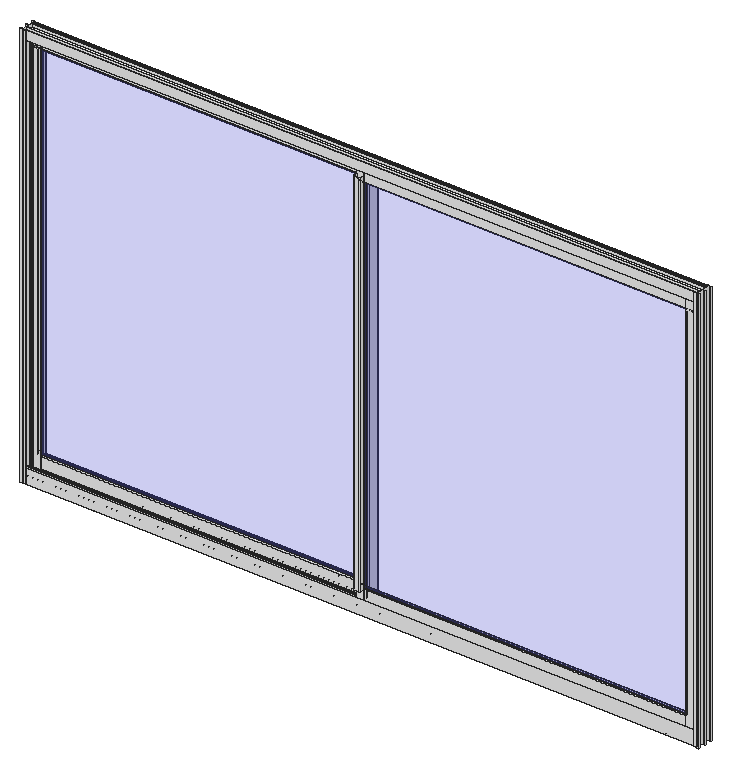
Revit family "Elite_Sliding_Window_XX_Standard", category Windows, host Wall, Revit 2014 (continued)
Definition of nested family "Elite_Sash_Outer_XX_Std"
  Definition of nested family "Elite_Lock_Stile"
    Forms (mm)
      Extrusion 1, solid, material <- "Profile Material"
        sketch origin (0, 0, 0) x (1, 0, 0) y (0, 1, 0)
          loop
            line (0, 0) -> (3.5, 0) -> (3.5, 2.4) -> (2.5, 2.4) -> (2.5, 1.2) -> (1.2, 1.2) -> (1.2, 8.8) -> (2.5, 8.8) -> (2.5, 7.6) -> (3.5, 7.6) -> (3.5, 10) -> (1.5, 10) -> (1.5, 13) -> (24.5, 13) -> (24.5, 10) -> (22.5, 10) -> (22.5, 7.6) -> (23.5, 7.6) -> (23.5, 8.8) -> (24.8, 8.8) -> (24.8, 1.2) -> (23.5, 1.2) -> (23.5, 2.4) -> (22.5, 2.4) -> (22.5, 0) -> (26, 0) -> (26, 49.8) -> (24.5, 49.8) -> (24.5, 49) -> (18, 49) -> (18, 43) -> (19.5, 43) -> (19.5, 47.5) -> (24.5, 47.5) -> (24.5, 36) -> (1.5, 36) -> (1.5, 47.5) -> (6.5, 47.5) -> (6.5, 43) -> (8, 43) -> (8, 49) -> (1.5, 49) -> (1.5, 49.8) -> (0, 49.8) -> (0, 0)
          loop
            line (1.5, 14.5) -> (24.5, 14.5) -> (24.5, 34.5) -> (13, 34.5) -> (1.5, 34.5) -> (1.5, 14.5)
        from 0 to 250 <- "Length Lock Stile"
      Extrusion 2, void
        sketch origin (24.4, 49, 0) x (1, 0, 0) y (0, 0, 1)
          loop
            line (0.1, 250) -> (-22.9, 250) -> (-22.9, 195) -> (0.1, 195) -> (0.1, 250)
          loop
            line (-22.9, 0) -> (0.1, 0) -> (0.1, 55) -> (-22.9, 55) -> (-22.9, 0)
        from 0 to 25
      Extrusion 3, void
        sketch origin (13, 14.5, 0) x (1, 0, 0) y (0, 0, 1)
          loop
            line (6.5, 250) -> (-6.5, 250) -> (-6.5, 224) -> (6.5, 224) -> (6.5, 250)
          loop
            line (6.5, 0) -> (6.5, 26) -> (-6.5, 26) -> (-6.5, 0) -> (6.5, 0)
        from 0 to 250
    Cuts and joins
      Extrusion 2, Extrusion 3 cuts Extrusion 1
    Dimensions and locks
      "Height Large Cut": Extrusion 2 sketch curve to Extrusion 2 sketch curve  (x2)
      "Height Rail Cut": Extrusion 3 sketch curve to Extrusion 3 sketch curve  (x2)
      "Width Rail Cut": Extrusion 3 sketch curve to Extrusion 3 sketch curve  (x2)
      "Side Gap Rail Cut": Extrusion 3 sketch curve to cut or joined group of Extrusion 1, Extrusion 2, Extrusion 3  (x2)
      aligned and locked: level to plane 2
      aligned and locked: Extrusion 1 to Extrusion 2 sketch curve  (x2)
      aligned and locked: Extrusion 2 sketch curve to Extrusion 1  (x4)
      aligned and locked: Extrusion 3 sketch curve to cut or joined group of Extrusion 1, Extrusion 2, Extrusion 3
      aligned and locked: cut or joined group of Extrusion 1, Extrusion 2, Extrusion 3 to Extrusion 3 sketch curve
    Automatic sketch dimensions
      Extrusion 1 sketch curve to plane 3 "Center (Left/Right)" = 0 mm
      plane 1 "Center (Front/Back)" to Extrusion 1 sketch curve = 0 mm  (x2)
      plane 3 "Center (Left/Right)" to Extrusion 1 sketch curve = 1.2 mm
      plane 3 "Center (Left/Right)" to Extrusion 1 sketch curve = 1.5 mm  (x2)
      Extrusion 1 sketch curve to Extrusion 1 sketch curve = 0 mm  (x4)
      Extrusion 1 sketch curve to Extrusion 1 sketch curve = 0.3 mm  (x2)
      Extrusion 1 sketch curve to Extrusion 1 sketch curve = 1.3 mm  (x2)
      Extrusion 1 sketch curve to Extrusion 1 sketch curve = 1 mm  (x4)
      Extrusion 1 sketch curve to Extrusion 1 sketch curve = 5 mm  (x4)
      Extrusion 1 sketch curve to Extrusion 1 sketch curve = 1.5 mm  (x6)
      Extrusion 1 sketch curve to plane 1 "Center (Front/Back)" = 2.4 mm
      Extrusion 1 sketch curve to Extrusion 1 sketch curve = 19 mm
      Extrusion 1 sketch curve to Extrusion 1 sketch curve = 2 mm
      Extrusion 1 sketch curve to Extrusion 1 sketch curve = 1.2 mm  (x6)
      Extrusion 1 sketch curve to plane 1 "Center (Front/Back)" = 1.2 mm  (x2)
      Extrusion 1 sketch curve to Extrusion 1 sketch curve = 5.2 mm  (x2)
      Extrusion 1 sketch curve to Extrusion 1 sketch curve = 3 mm
      Extrusion 1 sketch curve to Extrusion 1 sketch curve = 20 mm
      Extrusion 1 sketch curve to Extrusion 1 sketch curve = 7 mm  (x2)
      Extrusion 1 sketch curve to Extrusion 1 sketch curve = 4.5 mm  (x2)
      Extrusion 1 sketch curve to Extrusion 1 sketch curve = 0.8 mm  (x2)
  Definition of nested family "Elite_Interlocker"
    Parameters (values of type "Elite_Interlocker")
      Rail Cut Width = 13 mm  # constant formula
      Rail Cut Side Spacing = 5 mm  # constant formula
      Rail Cut Height = 26 mm  # constant formula
      Profile Material [instance] = none
      Length Interlocker [instance] = 250 mm
      Large Cut Height = 55 mm  # constant formula
    Reference planes
      plane 1 "Center (Front/Back)": y = 0
      plane 2: z = 0
      plane 3 "Center (Left/Right)": x = 0
    Forms (mm)
      Extrusion 1, solid, material <- "Profile Material"
        sketch origin (0, 0, 0) x (1, 0, 0) y (0, 1, 0)
          loop
            line (6.916, 36.467) -> (6.916, 6.667) -> (39.416, 6.667) -> (39.416, 9.551) -> (38.416, 9.551) -> (38.416, 8.167) -> (37.116, 8.167) -> (37.116, 9.551) -> (36.116, 9.551) -> (36.116, 8.167) -> (32.916, 8.167) -> (32.916, 15.167) -> (36.116, 15.167) -> (36.116, 13.78) -> (37.116, 13.78) -> (37.116, 15.167) -> (38.416, 15.167) -> (38.416, 13.78) -> (39.416, 13.78) -> (39.416, 25.167)
            arc (39.416, 25.167) -> (38.973, 25.663) -> (38.429, 25.28) r 0.5
            line (38.429, 25.28) -> (36.426, 16.667) -> (32.916, 16.667) -> (32.916, 36.467) -> (31.416, 36.467) -> (31.416, 35.667) -> (24.916, 35.667) -> (24.916, 29.667) -> (26.416, 29.667) -> (26.416, 34.167) -> (31.416, 34.167) -> (31.416, 22.667) -> (19.916, 22.667) -> (8.416, 22.667) -> (8.416, 34.167) -> (13.416, 34.167) -> (13.416, 29.667) -> (14.916, 29.667) -> (14.916, 35.667) -> (8.416, 35.667) -> (8.416, 36.467) -> (6.916, 36.467)
          loop
            line (8.416, 21.167) -> (8.416, 8.167) -> (31.416, 8.167) -> (31.416, 21.167) -> (19.916, 21.167) -> (8.416, 21.167)
        from 0 to 250 <- "Length Interlocker"
      Extrusion 2, void
        sketch origin (14.616, 35.667, 0) x (1, 0, 0) y (0, 0, 1)
          loop
            line (11.8, 250) -> (-1.2, 250) -> (-1.2, 224) -> (11.8, 224) -> (11.8, 250)
          loop
            line (-1.2, 0) -> (11.8, 0) -> (11.8, 26) -> (-1.2, 26) -> (-1.2, 0)
        from 0 to 250
      Extrusion 3, void
        sketch origin (31.316, 35.667, 0) x (1, 0, 0) y (0, 0, 1)
          loop
            line (0.1, 250) -> (-22.9, 250) -> (-22.9, 195) -> (0.1, 195) -> (0.1, 250)
          loop
            line (-22.9, 0) -> (0.1, 0) -> (0.1, 55) -> (-22.9, 55) -> (-22.9, 0)
        from 0 to 25
    Cuts and joins
      Extrusion 2, Extrusion 3 cuts Extrusion 1
    Dimensions and locks
      "Rail Cut Width": Extrusion 2 sketch curve to Extrusion 2 sketch curve  (x2)
      "Rail Cut Side Spacing": Extrusion 2 sketch curve to Extrusion 1  (x2)
      "Rail Cut Height": Extrusion 2 sketch curve to Extrusion 2 sketch curve  (x2)
      "Large Cut Height": Extrusion 3 sketch curve to Extrusion 3 sketch curve  (x2)
      aligned and locked: level to plane 2
      aligned and locked: Extrusion 1 to Extrusion 2 sketch curve  (x2)
      aligned and locked: Extrusion 3 sketch curve to cut or joined group of Extrusion 1, Extrusion 2, Extrusion 3  (x4)
      aligned and locked: cut or joined group of Extrusion 1, Extrusion 2, Extrusion 3 to Extrusion 3 sketch curve  (x2)
    Automatic sketch dimensions
      plane 3 "Center (Left/Right)" to Extrusion 1 sketch curve = 6.916 mm
      plane 3 "Center (Left/Right)" to Extrusion 1 sketch curve = 8.416 mm
      Extrusion 1 sketch curve to Extrusion 1 sketch curve = 1.5 mm  (x11)
      Extrusion 1 sketch curve to Extrusion 1 sketch curve = 0 mm  (x6)
      Extrusion 1 sketch curve to Extrusion 1 sketch curve = 5 mm  (x4)
      Extrusion 1 sketch curve to Extrusion 1 sketch curve = 3.2 mm  (x2)
      Extrusion 1 sketch curve to Extrusion 1 sketch curve = 0.31 mm
      Extrusion 1 sketch curve to Extrusion 1 sketch curve = 1 mm  (x4)
      Extrusion 1 sketch curve to Extrusion 1 sketch curve = 1.3 mm  (x2)
      Extrusion 1 sketch curve to Extrusion 1 sketch curve = 7.013 mm
      Extrusion 1 sketch curve to Extrusion 1 sketch curve = 0.487 mm
      Extrusion 1 sketch curve to plane 1 "Center (Front/Back)" = 6.667 mm
      Extrusion 1 sketch curve to Extrusion 1 sketch curve = 1.384 mm  (x2)
      Extrusion 1 sketch curve to Extrusion 1 sketch curve = 4.229 mm
      Extrusion 1 sketch curve to Extrusion 1 sketch curve = 1.387 mm  (x2)
      Extrusion 1 sketch curve to Extrusion 1 sketch curve = 13 mm
      Extrusion 1 sketch curve to Extrusion 1 sketch curve = 2.5 mm
      Extrusion 1 sketch curve to Extrusion 1 sketch curve = 7 mm  (x2)
      Extrusion 1 sketch curve to Extrusion 1 sketch curve = 4.5 mm  (x2)
      Extrusion 1 sketch curve to Extrusion 1 sketch curve = 0.8 mm  (x2)
  Definition of nested family "Elite_Sash_Top"
    Parameters (values of type "Elite_Sash_Top")
      Profile Material [instance] = none
      Length Sash Top [instance] = 250 mm
    Reference planes
      plane 1 "Center (Front/Back)": y = 0
      plane 2: z = 0
      plane 3 "Center (Left/Right)": x = 0
    Forms (mm)
      Extrusion 1, solid, material <- "Profile Material"
        sketch origin (0, -88.953, -123.01) x (0, 1, 0) y (0, 0, 1)
          loop
            line (92.953, 217.01) -> (95.303, 217.01) -> (95.303, 223.01) -> (93.853, 223.01) -> (93.853, 218.46) -> (92.953, 218.46)
            arc (92.953, 218.46) -> (91.15, 219.207) -> (90.403, 221.01) r 2.55
            line (90.403, 221.01) -> (90.403, 230.06) -> (110.203, 230.06) -> (110.203, 221.01)
            arc (110.203, 221.01) -> (109.456, 219.207) -> (107.653, 218.46) r 2.55
            line (107.653, 218.46) -> (106.753, 218.46) -> (106.753, 223.01) -> (105.303, 223.01) -> (105.303, 217.01) -> (107.653, 217.01)
            arc (107.653, 217.01) -> (110.482, 218.181) -> (111.653, 221.01) r 4
            line (111.653, 221.01) -> (111.653, 271.01) -> (107.403, 271.01) -> (107.403, 268.61) -> (108.603, 268.61) -> (108.603, 269.81) -> (110.203, 269.81) -> (110.203, 262.21) -> (108.603, 262.21) -> (108.603, 263.41) -> (107.403, 263.41) -> (107.403, 261.01) -> (110.203, 261.01) -> (110.203, 231.51) -> (90.403, 231.51) -> (90.403, 261.01) -> (93.203, 261.01) -> (93.203, 263.41) -> (92.003, 263.41) -> (92.003, 262.21) -> (90.403, 262.21) -> (90.403, 269.81) -> (92.003, 269.81) -> (92.003, 268.61) -> (93.203, 268.61) -> (93.203, 271.01) -> (88.953, 271.01) -> (88.953, 221.01)
            arc (88.953, 221.01) -> (90.125, 218.181) -> (92.953, 217.01) r 4
        from 0 to 250 <- "Length Sash Top"
    Dimensions and locks
      aligned and locked: level to plane 2
  Definition of nested family "Elite_Sash_Bottom"
    Parameters (values of type "Elite_Sash_Bottom")
      Profile Material [instance] = none
      Length Sash Bottom [instance] = 250 mm
    Reference planes
      plane 1 "Center (Front/Back)": y = 0
      plane 2: z = 0
      plane 3 "Center (Left/Right)": x = 0
    Forms (mm)
      Extrusion 1, solid, material <- "Profile Material"
        sketch origin (0, -88.953, -123.01) x (0, 1, 0) y (0, 0, 1)
          loop
            arc (92.953, 177.01) -> (90.125, 175.838) -> (88.953, 173.01) r 4
            line (88.953, 173.01) -> (88.953, 123.01) -> (93.203, 123.01) -> (93.203, 125.41) -> (92.003, 125.41) -> (92.003, 124.21) -> (90.403, 124.21) -> (90.403, 131.81) -> (92.003, 131.81) -> (92.003, 130.61) -> (93.203, 130.61) -> (93.203, 133.01) -> (90.403, 133.01) -> (90.403, 162.51) -> (110.203, 162.51) -> (110.203, 133.01) -> (107.403, 133.01) -> (107.403, 130.61) -> (108.603, 130.61) -> (108.603, 131.81) -> (110.203, 131.81) -> (110.203, 124.21) -> (108.603, 124.21) -> (108.603, 125.41) -> (107.403, 125.41) -> (107.403, 123.01) -> (111.653, 123.01) -> (111.653, 173.01)
            arc (111.653, 173.01) -> (110.482, 175.838) -> (107.653, 177.01) r 4
            line (107.653, 177.01) -> (105.303, 177.01) -> (105.303, 171.01) -> (106.753, 171.01) -> (106.753, 175.56) -> (107.653, 175.56)
            arc (107.653, 175.56) -> (109.456, 174.813) -> (110.203, 173.01) r 2.55
            line (110.203, 173.01) -> (110.203, 163.96) -> (90.403, 163.96) -> (90.403, 173.01)
            arc (90.403, 173.01) -> (91.15, 174.813) -> (92.953, 175.56) r 2.55
            line (92.953, 175.56) -> (93.853, 175.56) -> (93.853, 171.01) -> (95.303, 171.01) -> (95.303, 177.01) -> (92.953, 177.01)
        from 0 to 250 <- "Length Sash Bottom"
    Dimensions and locks
      aligned and locked: level to plane 2
  Definition of nested family "Elite_Heavy_Duty_Interlocker_Outside"
    Parameters (values of type "Elite_Heavy_Duty_Interlocker_Outside")
      Side Cut Width = 20 mm  # constant formula
      Side Cut Height Top = 26 mm  # constant formula
      Profile Material [instance] = none
      Length Heavy Duty Interlocker [instance] = 250 mm
      Large Cut Height = 55 mm  # constant formula
      Cut Width = 13 mm  # constant formula
      Cut Side Spacing = 5 mm  # constant formula
      Cut Height = 26 mm  # constant formula
    Reference planes
      plane 1 "Center (Front/Back)": y = 0
      plane 2: z = 0
      plane 3 "Center (Left/Right)": x = 0
    Forms (mm)
      Extrusion 1, solid, material <- "Profile Material"
        sketch origin (0, 0, 0) x (1, 0, 0) y (0, 1, 0)
          loop
            arc (4, 27.5) -> (2.232, 26.768) -> (1.5, 25) r 2.5
            line (1.5, 25) -> (1.5, 4)
            arc (1.5, 4) -> (2.232, 2.232) -> (4, 1.5) r 2.5
            line (4, 1.5) -> (20, 1.5) -> (20, 27.5) -> (4, 27.5)
          loop
            line (21.5, 14.5) -> (21.5, 1.5) -> (33, 1.5) -> (44.5, 1.5) -> (44.5, 14.5) -> (33, 14.5) -> (21.5, 14.5)
          loop
            line (46, 10) -> (46, 29.8) -> (44.5, 29.8) -> (44.5, 29) -> (38, 29) -> (38, 23) -> (39.5, 23) -> (39.5, 27.5) -> (44.5, 27.5) -> (44.5, 16) -> (33, 16) -> (21.5, 16) -> (21.5, 27.5) -> (26.5, 27.5) -> (26.5, 23) -> (28, 23) -> (28, 29) -> (21.5, 29) -> (21.5, 29.8) -> (20, 29.8) -> (20, 29) -> (4, 29)
            arc (4, 29) -> (1.172, 27.828) -> (0, 25) r 4
            line (0, 25) -> (0, 4)
            arc (0, 4) -> (1.172, 1.172) -> (4, 0) r 4
            line (4, 0) -> (52.5, 0) -> (52.5, 2.866) -> (51.5, 2.866) -> (51.5, 1.5) -> (50.2, 1.5) -> (50.2, 2.866) -> (49.2, 2.866) -> (49.2, 1.5) -> (46, 1.5) -> (46, 8.5) -> (49.2, 8.5) -> (49.2, 7.121) -> (50.2, 7.121) -> (50.2, 8.5) -> (51.5, 8.5) -> (51.5, 7.121) -> (52.5, 7.121) -> (52.5, 18.5)
            arc (52.5, 18.5) -> (52.057, 18.997) -> (51.513, 18.613) r 0.5
            line (51.513, 18.613) -> (49.51, 10) -> (46, 10)
        from 0 to 250 <- "Length Heavy Duty Interlocker"
      Extrusion 2, void
        sketch origin (44.4, 29, 0) x (1, 0, 0) y (0, 0, 1)
          loop
            line (-4.9, 250) -> (-17.9, 250) -> (-17.9, 224) -> (-4.9, 224) -> (-4.9, 250)
          loop
            line (-4.9, 0) -> (-4.9, 26) -> (-17.9, 26) -> (-17.9, 0) -> (-4.9, 0)
        from 0 to 250
      Extrusion 3, void
        sketch origin (44.4, 29, 0) x (1, 0, 0) y (0, 0, 1)
          loop
            line (0.1, 250) -> (-22.9, 250) -> (-22.9, 195) -> (0.1, 195) -> (0.1, 250)
          loop
            line (0.1, 0) -> (0.1, 55) -> (-22.9, 55) -> (-22.9, 0) -> (0.1, 0)
        from 0 to 25
      Extrusion 4, void
        sketch origin (19.7, 29, 0) x (1, 0, 0) y (0, 0, 1)
          loop
            line (0.3, 250) -> (-19.7, 250) -> (-19.7, 224) -> (0.3, 224) -> (0.3, 250)
        from 0 to 250
    Cuts and joins
      Extrusion 2, Extrusion 3, Extrusion 4 cuts Extrusion 1
    Dimensions and locks
      "Cut Width": Extrusion 2 sketch curve to Extrusion 2 sketch curve  (x2)
      "Cut Side Spacing": Extrusion 2 sketch curve to Extrusion 1  (x2)
      "Cut Height": Extrusion 2 sketch curve to Extrusion 2 sketch curve  (x2)
      "Large Cut Height": Extrusion 3 sketch curve to Extrusion 3 sketch curve  (x2)
      "Side Cut Width": Extrusion 4 sketch curve to Extrusion 4 sketch curve
      "Side Cut Height Top": Extrusion 4 sketch curve to Extrusion 4 sketch curve
      aligned and locked: level to plane 2
      aligned and locked: Extrusion 2 sketch curve to Extrusion 1
      aligned and locked: Extrusion 1 to Extrusion 2 sketch curve
      aligned and locked: cut or joined group of Extrusion 1, Extrusion 2, Extrusion 3, Extrusion 4 to Extrusion 3 sketch curve  (x2)
      aligned and locked: Extrusion 3 sketch curve to cut or joined group of Extrusion 1, Extrusion 2, Extrusion 3, Extrusion 4  (x4)
      aligned and locked: Extrusion 4 sketch curve to cut or joined group of Extrusion 1, Extrusion 2, Extrusion 3, Extrusion 4
      aligned and locked: cut or joined group of Extrusion 1, Extrusion 2, Extrusion 3, Extrusion 4 to Extrusion 4 sketch curve
    Automatic sketch dimensions
      Extrusion 1 sketch curve to Extrusion 1 sketch curve = 0 mm  (x11)
      Extrusion 1 sketch curve to plane 3 "Center (Left/Right)" = 0 mm
      plane 1 "Center (Front/Back)" to Extrusion 1 sketch curve = 0 mm
      plane 3 "Center (Left/Right)" to Extrusion 1 sketch curve = 1.5 mm
      Extrusion 1 sketch curve to Extrusion 1 sketch curve = 2.5 mm  (x3)
      Extrusion 1 sketch curve to Extrusion 1 sketch curve = 16 mm
      Extrusion 1 sketch curve to Extrusion 1 sketch curve = 1.5 mm  (x10)
      Extrusion 1 sketch curve to Extrusion 1 sketch curve = 5 mm  (x3)
      Extrusion 1 sketch curve to plane 1 "Center (Front/Back)" = 1.5 mm  (x3)
      Extrusion 1 sketch curve to Extrusion 1 sketch curve = 11.5 mm  (x2)
      Extrusion 1 sketch curve to Extrusion 1 sketch curve = 10 mm
      Extrusion 1 sketch curve to Extrusion 1 sketch curve = 3.2 mm  (x2)
      Extrusion 1 sketch curve to plane 1 "Center (Front/Back)" = 10 mm
      Extrusion 1 sketch curve to Extrusion 1 sketch curve = 0.31 mm
      Extrusion 1 sketch curve to Extrusion 1 sketch curve = 1 mm  (x4)
      Extrusion 1 sketch curve to Extrusion 1 sketch curve = 1.3 mm  (x2)
      Extrusion 1 sketch curve to Extrusion 1 sketch curve = 7.013 mm
      Extrusion 1 sketch curve to Extrusion 1 sketch curve = 0.487 mm
      Extrusion 1 sketch curve to Extrusion 1 sketch curve = 1.366 mm
      Extrusion 1 sketch curve to Extrusion 1 sketch curve = 2.879 mm
      Extrusion 1 sketch curve to Extrusion 1 sketch curve = 4.5 mm  (x3)
      Extrusion 1 sketch curve to Extrusion 1 sketch curve = 7 mm  (x2)
      Extrusion 1 sketch curve to Extrusion 1 sketch curve = 9 mm
      Extrusion 1 sketch curve to Extrusion 1 sketch curve = 0.8 mm  (x2)
Types (109, lengths in mm): name | Windload Design | Width Sash Right | Width Sash Left | Width | Standard Interlocker | Sash Width Right | Sash Width Left | Sash Height | Overall Width | Overall Height | Outside Heavy Duty Interlocker | Max Pane Area | Limit Window Width Max | Limit Sash Width Left Min | Limit Sash Width Left Max | Intruderprufe U Value | Intruderprufe SHGC Value | Intruderprufe LowE U Value | Intruderprufe LowE SHGC Value | Interlocker Configuration | Height Sash | Inside Heavy Duty Interlocker | Height | Glazing Thickness | Energy Advantage U Value | Energy Advantage SHGC Value | Custom Window Width | Custom Window Height | Custom Windload | Clearvue U Value | Clearvue SHGC Value | Area Right Sash Glazing | Area Left Sash Glazing
  (no name) | 1000 | 1497.9 | 1497.9 | 2990 | no | 1497.9 | 1497.9 | 1707 | 2990 | 1790 | yes | 2.31898 m² | 2994.2 | 1495.8 | 1500 | 6.21 | 0.675 | 4.47 | 0.592 | 2 | 1707 | yes | 1790 | 6.4 | 4.6 | 0.637 | 2990 | 1790 | 1000 | 6.34 | 0.711 | 2.31898 m² | 2.31898 m²
  Elite-0906XX-1000Pa | 1000 | 447.9 | 447.9 | 890 | yes | 447.9 | 447.9 | 507 | 890 | 590 | no | 0.160149 m² | 2994.2 | 300 | 595.8 | 7.27 | 0.349 | 6.99 | 0.433 | 0 | 507 | no | 590 | 4 | 6.21 | 0.412 | 890 | 590 | 1000 | 7.11 | 0.456 | 0.160149 m² | 0.160149 m²
  Elite-1206XX-1000Pa | 1000 | 447.9 | 447.9 | 1190 | yes | 597.9 | 597.9 | 507 | 890 | 590 | no | 0.222399 m² | 2994.2 | 300 | 895.8 | 6.88 | 0.466 | 5.73 | 0.413 | 0 | 507 | no | 590 | 4 | 5.95 | 0.442 | 1190 | 590 | 1000 | 7 | 0.49 | 0.222399 m² | 0.222399 m²
  Elite-1506XX-1000Pa | 1000 | 447.9 | 447.9 | 1490 | yes | 747.9 | 747.9 | 507 | 890 | 590 | no | 0.284649 m² | 2994.2 | 300 | 1195.8 | 6.81 | 0.485 | 5.61 | 0.429 | 0 | 507 | no | 590 | 4 | 5.8 | 0.46 | 1490 | 590 | 1000 | 6.93 | 0.511 | 0.284649 m² | 0.284649 m²
  Elite-1806XX-1000Pa | 1000 | 447.9 | 447.9 | 1790 | yes | 897.9 | 897.9 | 507 | 890 | 590 | no | 0.346899 m² | 2994.2 | 300 | 1495.8 | 6.76 | 0.498 | 5.52 | 0.44 | 0 | 507 | no | 590 | 4 | 5.7 | 0.472 | 1790 | 590 | 1000 | 6.88 | 0.524 | 0.346899 m² | 0.346899 m²
  Elite-2106XX-1000Pa | 1000 | 447.9 | 447.9 | 2090 | yes | 1047.9 | 1047.9 | 507 | 890 | 590 | no | 0.409149 m² | 2994.2 | 595.8 | 1500 | 6.763 | 0.507 | 5.46 | 0.448 | 0 | 507 | no | 590 | 4 | 5.63 | 0.48 | 2090 | 590 | 1000 | 6.85 | 0.534 | 0.409149 m² | 0.409149 m²
  Elite-2406XX-1000Pa | 1000 | 447.9 | 447.9 | 2390 | yes | 1197.9 | 1197.9 | 507 | 890 | 590 | no | 0.471399 m² | 2994.2 | 895.8 | 1500 | 6.7 | 0.514 | 5.42 | 0.454 | 0 | 507 | no | 590 | 4 | 5.58 | 0.487 | 2390 | 590 | 1000 | 6.82 | 0.541 | 0.471399 m² | 0.471399 m²
  Elite-2706XX-1000Pa | 1000 | 447.9 | 447.9 | 2690 | yes | 1347.9 | 1347.9 | 507 | 890 | 590 | no | 0.533649 m² | 2994.2 | 1195.8 | 1500 | 6.69 | 0.519 | 6.68 | 0.414 | 0 | 507 | no | 590 | 4 | 5.54 | 0.492 | 2690 | 590 | 1000 | 6.8 | 0.547 | 0.533649 m² | 0.533649 m²
  Elite-3006XX-1000Pa | 1000 | 447.9 | 447.9 | 2990 | yes | 1497.9 | 1497.9 | 507 | 890 | 590 | no | 0.595899 m² | 2994.2 | 1495.8 | 1500 | 6.67 | 0.524 | 5.36 | 0.462 | 0 | 507 | no | 590 | 4 | 5.5 | 0.495 | 2990 | 590 | 1000 | 6.79 | 0.551 | 0.595899 m² | 0.595899 m²
  Elite-0909XX-1000Pa | 1000 | 447.9 | 447.9 | 890 | yes | 447.9 | 447.9 | 807 | 890 | 590 | no | 0.275918 m² | 2994.2 | 300 | 595.8 | 6.84 | 0.494 | 5.62 | 0.438 | 0 | 507 | no | 890 | 4 | 5.88 | 0.47 | 890 | 890 | 1000 | 6.96 | 0.521 | 0.275918 m² | 0.275918 m²
  Elite-1209XX-1000Pa | 1000 | 447.9 | 447.9 | 1190 | yes | 597.9 | 597.9 | 807 | 890 | 590 | no | 0.383168 m² | 2994.2 | 300 | 895.8 | 6.7 | 0.532 | 5.36 | 0.47 | 0 | 507 | no | 890 | 4 | 5.58 | 0.504 | 1190 | 890 | 1000 | 6.82 | 0.561 | 0.383168 m² | 0.383168 m²
  Elite-1509XX-1000Pa | 1000 | 447.9 | 447.9 | 1490 | yes | 747.9 | 747.9 | 807 | 890 | 590 | no | 0.490418 m² | 2994.2 | 300 | 1195.8 | 6.61 | 0.55 | 5.21 | 0.489 | 0 | 507 | no | 890 | 4 | 5.41 | 0.525 | 1490 | 890 | 1000 | 6.73 | 0.584 | 0.490418 m² | 0.490418 m²
  Elite-1809XX-1000Pa | 1000 | 447.9 | 447.9 | 1790 | yes | 897.9 | 897.9 | 807 | 890 | 590 | no | 0.597668 m² | 2994.2 | 300 | 1495.8 | 6.55 | 0.57 | 5.11 | 0.502 | 0 | 507 | no | 890 | 4 | 5.29 | 0.539 | 1790 | 890 | 1000 | 6.68 | 2.6 | 0.597668 m² | 0.597668 m²
  Elite-2109XX-1000Pa | 1000 | 447.9 | 447.9 | 2090 | yes | 1047.9 | 1047.9 | 807 | 890 | 590 | no | 0.704918 m² | 2994.2 | 595.8 | 1500 | 6.54 | 0.58 | 5.04 | 0.511 | 0 | 507 | no | 890 | 4 | 5.2 | 0.549 | 2090 | 890 | 1000 | 6.64 | 0.611 | 0.704918 m² | 0.704918 m²
  Elite-2409XX-1000Pa | 1000 | 1197.9 | 1197.9 | 2390 | yes | 1197.9 | 1197.9 | 807 | 2390 | 890 | no | 0.812168 m² | 2994.2 | 895.8 | 1500 | 6.48 | 0.588 | 4.99 | 0.518 | 0 | 807 | no | 890 | 4 | 5.14 | 0.556 | 2390 | 890 | 1000 | 6.6 | 0.62 | 0.812168 m² | 0.812168 m²
  Elite-2709XX-1000Pa | 1000 | 447.9 | 447.9 | 2690 | yes | 1347.9 | 1347.9 | 807 | 890 | 590 | no | 0.919419 m² | 2994.2 | 1195.8 | 1500 | 6.46 | 0.595 | 4.94 | 0.523 | 0 | 507 | no | 890 | 4 | 5.09 | 0.562 | 2690 | 890 | 1000 | 6.58 | 0.626 | 0.919418 m² | 0.919419 m²
  Elite-3009XX-1000Pa | 1000 | 447.9 | 447.9 | 2990 | yes | 1497.9 | 1497.9 | 807 | 890 | 590 | no | 1.02667 m² | 2994.2 | 1495.8 | 1500 | 6.44 | 0.6 | 4.91 | 0.528 | 0 | 507 | no | 890 | 4 | 5.05 | 0.567 | 2990 | 890 | 1000 | 6.56 | 0.632 | 1.02667 m² | 1.02667 m²
  Elite-0912XX-1000Pa | 1000 | 447.9 | 447.9 | 890 | yes | 447.9 | 447.9 | 1107 | 890 | 590 | no | 0.391688 m² | 2994.2 | 300 | 595.8 | 6.76 | 0.525 | 5.35 | 0.464 | 0 | 507 | no | 1190 | 4 | 5.72 | 0.4798 | 890 | 1190 | 1000 | 6.89 | 0.553 | 0.391688 m² | 0.391688 m²
  Elite-1212XX-1000Pa | 1000 | 447.9 | 447.9 | 1190 | yes | 597.9 | 597.9 | 1107 | 890 | 590 | no | 0.543938 m² | 2994.2 | 300 | 895.8 | 6.61 | 0.565 | 5.18 | 0.498 | 0 | 507 | no | 1190 | 4 | 5.4 | 0.535 | 1190 | 1190 | 1000 | 6.73 | 0.595 | 0.543938 m² | 0.543938 m²
  Elite-1512XX-1000Pa | 1000 | 447.9 | 447.9 | 1490 | yes | 747.9 | 747.9 | 1107 | 890 | 590 | no | 0.696188 m² | 2994.2 | 300 | 1195.8 | 6.51 | 0.589 | 5.01 | 0.519 | 0 | 507 | no | 1190 | 4 | 5.21 | 0.558 | 1490 | 1190 | 1000 | 6.64 | 0.621 | 0.696188 m² | 0.696188 m²
  Elite-1812XX-1000Pa | 1000 | 447.9 | 447.9 | 1790 | yes | 897.9 | 897.9 | 1107 | 890 | 590 | no | 0.848438 m² | 2994.2 | 300 | 1495.8 | 6.45 | 0.605 | 4.91 | 0.533 | 0 | 507 | no | 1190 | 4 | 5.08 | 0.572 | 1790 | 1190 | 1000 | 6.57 | 0.638 | 0.848438 m² | 0.848438 m²
  Elite-2112XX-1000Pa | 1000 | 447.9 | 447.9 | 2090 | yes | 1047.9 | 1047.9 | 1107 | 890 | 590 | no | 1.00069 m² | 2994.2 | 595.8 | 1500 | 6.4 | 0.617 | 4.83 | 0.542 | 0 | 507 | no | 1190 | 4 | 4.99 | 0.583 | 2090 | 1190 | 1000 | 6.53 | 0.65 | 1.00069 m² | 1.00069 m²
  Elite-2412XX-1000Pa | 1000 | 447.9 | 447.9 | 2390 | yes | 1197.9 | 1197.9 | 1107 | 890 | 590 | no | 1.15294 m² | 2994.2 | 895.8 | 1500 | 6.37 | 0.625 | 4.77 | 0.55 | 0 | 507 | no | 1190 | 4 | 4.92 | 0.591 | 2390 | 1190 | 1000 | 6.5 | 0.659 | 1.15294 m² | 1.15294 m²
  Elite-2712XX-1000Pa | 1000 | 447.9 | 447.9 | 2690 | yes | 1347.9 | 1347.9 | 1107 | 890 | 590 | no | 1.30519 m² | 2994.2 | 1195.8 | 1500 | 6.35 | 0.632 | 4.72 | 0.556 | 0 | 507 | no | 1190 | 4 | 4.87 | 0.597 | 2690 | 1190 | 1000 | 6.47 | 0.666 | 1.30519 m² | 1.30519 m²
  Elite-3012XX-1000Pa | 1000 | 447.9 | 447.9 | 2990 | no | 1497.9 | 1497.9 | 1107 | 890 | 590 | no | 1.45744 m² | 2994.2 | 1495.8 | 1500 | 6.32 | 0.637 | 4.69 | 0.56 | 1 | 507 | yes | 1190 | 4 | 4.83 | 0.602 | 2990 | 1190 | 1000 | 6.45 | 0.672 | 1.45744 m² | 1.45744 m²
  Elite-0915XX-1000Pa | 1000 | 447.9 | 447.9 | 890 | yes | 447.9 | 447.9 | 1407 | 890 | 590 | no | 0.507459 m² | 2994.2 | 300 | 595.8 | 6.72 | 0.543 | 5.36 | 0.479 | 0 | 507 | no | 1490 | 4 | 5.62 | 0.515 | 890 | 1490 | 1000 | 6.85 | 0.572 | 0.507459 m² | 0.507459 m²
  Elite-1215XX-1000Pa | 1000 | 447.9 | 447.9 | 1190 | no | 597.9 | 597.9 | 1407 | 890 | 590 | no | 0.704709 m² | 2994.2 | 300 | 895.8 | 6.55 | 0.585 | 5.07 | 0.515 | 1 | 507 | yes | 1490 | 4 | 5.29 | 0.554 | 1190 | 1490 | 1000 | 6.68 | 0.616 | 0.704709 m² | 0.704709 m²
  Elite-1515XX-1000Pa | 1000 | 447.9 | 447.9 | 1490 | no | 747.9 | 747.9 | 1407 | 890 | 590 | no | 0.901959 m² | 2994.2 | 300 | 1195.8 | 6.45 | 0.61 | 4.9 | 0.537 | 1 | 507 | yes | 1490 | 4 | 5.09 | 0.577 | 1490 | 1490 | 1000 | 6.58 | 0.643 | 0.901959 m² | 0.901959 m²
  Elite-1815XX-1000Pa | 1000 | 447.9 | 447.9 | 1790 | no | 897.9 | 897.9 | 1407 | 890 | 590 | no | 1.09921 m² | 2994.2 | 300 | 1495.8 | 6.39 | 0.627 | 4.78 | 0.551 | 1 | 507 | yes | 1490 | 4 | 4.96 | 0.592 | 1790 | 1490 | 1000 | 6.51 | 0.66 | 1.09921 m² | 1.09921 m²
  Elite-2115XX-1000Pa | 1000 | 447.9 | 447.9 | 2090 | no | 1047.9 | 1047.9 | 1407 | 890 | 590 | no | 1.29646 m² | 2994.2 | 595.8 | 1500 | 6.34 | 0.638 | 4.7 | 0.561 | 1 | 507 | yes | 1490 | 4 | 4.86 | 0.603 | 2090 | 1490 | 1000 | 6.47 | 0.673 | 1.29646 m² | 1.29646 m²
  Elite-2415XX-1000Pa | 1000 | 447.9 | 447.9 | 2390 | no | 1197.9 | 1197.9 | 1407 | 890 | 590 | no | 1.49371 m² | 2994.2 | 895.8 | 1500 | 6.31 | 0.647 | 4.64 | 0.569 | 1 | 507 | yes | 1490 | 4 | 4.79 | 0.611 | 2390 | 1490 | 1000 | 6.43 | 0.682 | 1.49371 m² | 1.49371 m²
  Elite-2715XX-1000Pa | 1000 | 447.9 | 447.9 | 2690 | no | 1347.9 | 1347.9 | 1407 | 890 | 590 | no | 1.69096 m² | 2994.2 | 1195.8 | 1500 | 6.28 | 0.654 | 4.59 | 0.575 | 1 | 507 | yes | 1490 | 5 | 4.74 | 0.618 | 2690 | 1490 | 1000 | 6.4 | 0.69 | 1.69096 m² | 1.69096 m²
  Elite-3015XX-1000Pa | 1000 | 447.9 | 447.9 | 2990 | no | 1497.9 | 1497.9 | 1407 | 890 | 590 | no | 1.88821 m² | 2994.2 | 1495.8 | 1500 | 6.26 | 0.66 | 4.56 | 0.579 | 1 | 507 | yes | 1490 | 5 | 4.69 | 0.623 | 2990 | 1490 | 1000 | 6.38 | 0.695 | 1.88821 m² | 1.88821 m²
  Elite-0918XX-1000Pa | 1000 | 447.9 | 447.9 | 890 | no | 447.9 | 447.9 | 1707 | 890 | 590 | no | 0.623229 m² | 2994.2 | 300 | 595.8 | 6.69 | 0.555 | 5.29 | 0.489 | 1 | 507 | yes | 1790 | 4 | 5.56 | 0.526 | 890 | 1790 | 1000 | 6.82 | 0.585 | 0.623229 m² | 0.623229 m²
  Elite-1218XX-1000Pa | 1000 | 447.9 | 447.9 | 1190 | no | 597.9 | 597.9 | 1707 | 890 | 590 | no | 0.865479 m² | 2994.2 | 300 | 895.8 | 6.52 | 0.598 | 5 | 0.526 | 1 | 507 | yes | 1790 | 4 | 5.22 | 0.566 | 1190 | 1790 | 1000 | 6.64 | 0.63 | 0.865479 m² | 0.865479 m²
  Elite-1518XX-1000Pa | 1000 | 447.9 | 447.9 | 1490 | no | 747.9 | 747.9 | 1707 | 890 | 590 | yes | 1.10773 m² | 2994.2 | 300 | 1195.8 | 6.41 | 0.624 | 4.82 | 0.548 | 2 | 507 | yes | 1790 | 4 | 5.01 | 0.59 | 1490 | 1790 | 1000 | 6.54 | 0.657 | 1.10773 m² | 1.10773 m²
  Elite-1818XX-1000Pa | 1000 | 897.9 | 897.9 | 1790 | no | 897.9 | 897.9 | 1707 | 1790 | 1790 | yes | 1.34998 m² | 2994.2 | 300 | 1495.8 | 6.35 | 0.641 | 4.7 | 0.563 | 2 | 1707 | yes | 1790 | 4 | 4.88 | 0.605 | 1790 | 1790 | 1000 | 6.47 | 0.675 | 1.34998 m² | 1.34998 m²
  Elite-2118XX-1000Pa | 1000 | 447.9 | 447.9 | 2090 | no | 1047.9 | 1047.9 | 1707 | 890 | 590 | yes | 1.59223 m² | 2994.2 | 595.8 | 1500 | 6.3 | 0.653 | 4.62 | 0.574 | 2 | 507 | yes | 1790 | 5 | 4.78 | 0.617 | 2090 | 1790 | 1000 | 6.42 | 0.688 | 1.59223 m² | 1.59223 m²
  Elite-2418XX-1000Pa | 1000 | 447.9 | 447.9 | 2390 | no | 1197.9 | 1197.9 | 1707 | 890 | 590 | yes | 1.83448 m² | 2994.2 | 895.8 | 1500 | 6.26 | 0.662 | 4.56 | 0.581 | 2 | 507 | yes | 1790 | 5 | 4.71 | 0.625 | 2390 | 1790 | 1000 | 6.39 | 0.698 | 1.83448 m² | 1.83448 m²
  Elite-2718XX-1000Pa | 1000 | 447.9 | 447.9 | 2690 | no | 1347.9 | 1347.9 | 1707 | 890 | 590 | yes | 2.07673 m² | 2994.2 | 1195.8 | 1500 | 6.23 | 0.669 | 4.51 | 0.587 | 2 | 507 | yes | 1790 | 5 | 4.65 | 0.632 | 2690 | 1790 | 1000 | 6.36 | 0.705 | 2.07673 m² | 2.07673 m²
  Elite-3018XX-1000Pa | 1000 | 1497.9 | 1497.9 | 2990 | no | 1497.9 | 1497.9 | 1707 | 2990 | 1790 | yes | 2.31898 m² | 2994.2 | 1495.8 | 1500 | 6.21 | 0.675 | 4.47 | 0.592 | 2 | 1707 | yes | 1790 | 6.4 | 4.6 | 0.637 | 2990 | 1790 | 1000 | 6.34 | 0.711 | 2.31898 m² | 2.31898 m²
  Elite-0906XX-1500Pa | 1500 | 447.9 | 447.9 | 890 | yes | 447.9 | 447.9 | 507 | 890 | 590 | no | 0.160149 m² | 2994.2 | 300 | 595.8 | 7.27 | 0.349 | 6.99 | 0.433 | 0 | 507 | no | 590 | 4 | 6.21 | 0.412 | 890 | 590 | 1500 | 7.11 | 0.456 | 0.160149 m² | 0.160149 m²
  Elite-0906XX-2000Pa | 2000 | 447.9 | 447.9 | 890 | yes | 447.9 | 447.9 | 507 | 890 | 590 | no | 0.160149 m² | 2994.2 | 300 | 595.8 | 7.27 | 0.349 | 6.99 | 0.433 | 0 | 507 | no | 590 | 4 | 6.21 | 0.412 | 890 | 590 | 2000 | 7.11 | 0.456 | 0.160149 m² | 0.160149 m²
  Elite-0909XX-1500Pa | 1500 | 447.9 | 447.9 | 890 | yes | 447.9 | 447.9 | 807 | 890 | 590 | no | 0.275918 m² | 2994.2 | 300 | 595.8 | 6.84 | 0.494 | 5.62 | 0.438 | 0 | 507 | no | 890 | 4 | 5.88 | 0.47 | 890 | 890 | 1500 | 6.96 | 0.521 | 0.275918 m² | 0.275918 m²
  Elite-0909XX-2000Pa | 2000 | 447.9 | 447.9 | 890 | yes | 447.9 | 447.9 | 807 | 890 | 590 | no | 0.275918 m² | 2994.2 | 300 | 595.8 | 6.84 | 0.494 | 5.62 | 0.438 | 0 | 507 | no | 890 | 4 | 5.88 | 0.47 | 890 | 890 | 2000 | 6.96 | 0.521 | 0.275918 m² | 0.275918 m²
  Elite-0912XX-1500Pa | 1500 | 447.9 | 447.9 | 890 | yes | 447.9 | 447.9 | 1107 | 890 | 590 | no | 0.391688 m² | 2994.2 | 300 | 595.8 | 6.76 | 0.525 | 5.35 | 0.464 | 0 | 507 | no | 1190 | 4 | 5.72 | 0.4798 | 890 | 1190 | 1500 | 6.89 | 0.553 | 0.391688 m² | 0.391688 m²
  Elite-0912XX-2000Pa | 2000 | 447.9 | 447.9 | 890 | yes | 447.9 | 447.9 | 1107 | 890 | 590 | no | 0.391688 m² | 2994.2 | 300 | 595.8 | 6.76 | 0.525 | 5.35 | 0.464 | 0 | 507 | no | 1190 | 4 | 5.72 | 0.4798 | 890 | 1190 | 2000 | 6.89 | 0.553 | 0.391688 m² | 0.391688 m²
  Elite-0915XX-1500Pa | 1500 | 447.9 | 447.9 | 890 | no | 447.9 | 447.9 | 1407 | 890 | 590 | no | 0.507459 m² | 2994.2 | 300 | 595.8 | 6.72 | 0.543 | 5.36 | 0.479 | 1 | 507 | yes | 1490 | 4 | 5.62 | 0.515 | 890 | 1490 | 1500 | 6.85 | 0.572 | 0.507459 m² | 0.507459 m²
  Elite-0915XX-2000Pa | 2000 | 447.9 | 447.9 | 890 | no | 447.9 | 447.9 | 1407 | 890 | 590 | no | 0.507459 m² | 2994.2 | 300 | 595.8 | 6.72 | 0.543 | 5.36 | 0.479 | 1 | 507 | yes | 1490 | 4 | 5.62 | 0.515 | 890 | 1490 | 2000 | 6.85 | 0.572 | 0.507459 m² | 0.507459 m²
  Elite-0918XX-1500Pa | 1500 | 447.9 | 447.9 | 890 | no | 447.9 | 447.9 | 1707 | 890 | 590 | no | 0.623229 m² | 1490 | 300 | 595.8 | 6.69 | 0.555 | 5.29 | 0.489 | 1 | 507 | yes | 1790 | 4 | 5.56 | 0.526 | 890 | 1790 | 1500 | 6.82 | 0.585 | 0.623229 m² | 0.623229 m²
  Elite-0918XX-2000Pa | 2000 | 447.9 | 447.9 | 890 | no | 447.9 | 447.9 | 1707 | 890 | 590 | yes | 0.623229 m² | 890 | 300 | 595.8 | 6.69 | 0.555 | 5.29 | 0.489 | 2 | 507 | yes | 1790 | 4 | 5.56 | 0.526 | 890 | 1790 | 2000 | 6.82 | 0.585 | 0.623229 m² | 0.623229 m²
  Elite-1206XX-1500Pa | 1500 | 447.9 | 447.9 | 1190 | yes | 597.9 | 597.9 | 507 | 890 | 590 | no | 0.222399 m² | 2994.2 | 300 | 895.8 | 6.88 | 0.466 | 5.73 | 0.413 | 0 | 507 | no | 590 | 4 | 5.95 | 0.442 | 1190 | 590 | 1500 | 7 | 0.49 | 0.222399 m² | 0.222399 m²
  Elite-1206XX-2000Pa | 2000 | 447.9 | 447.9 | 1190 | yes | 597.9 | 597.9 | 507 | 890 | 590 | no | 0.222399 m² | 2994.2 | 300 | 895.8 | 6.88 | 0.466 | 5.73 | 0.413 | 0 | 507 | no | 590 | 4 | 5.95 | 0.442 | 1190 | 590 | 2000 | 7 | 0.49 | 0.222399 m² | 0.222399 m²
  Elite-1209XX-1500Pa | 1500 | 447.9 | 447.9 | 1190 | yes | 597.9 | 597.9 | 807 | 890 | 590 | no | 0.383168 m² | 2994.2 | 300 | 895.8 | 6.7 | 0.532 | 5.36 | 0.47 | 0 | 507 | no | 890 | 4 | 5.58 | 0.504 | 1190 | 890 | 1500 | 6.82 | 0.561 | 0.383168 m² | 0.383168 m²
  Elite-1209XX-2000Pa | 2000 | 447.9 | 447.9 | 1190 | yes | 597.9 | 597.9 | 807 | 890 | 590 | no | 0.383168 m² | 2994.2 | 300 | 895.8 | 6.7 | 0.532 | 5.36 | 0.47 | 0 | 507 | no | 890 | 4 | 5.58 | 0.504 | 1190 | 890 | 2000 | 6.82 | 0.561 | 0.383168 m² | 0.383168 m²
  Elite-1212XX-1500Pa | 1500 | 447.9 | 447.9 | 1190 | yes | 597.9 | 597.9 | 1107 | 890 | 590 | no | 0.543938 m² | 2994.2 | 300 | 895.8 | 6.61 | 0.565 | 5.18 | 0.498 | 0 | 507 | no | 1190 | 4 | 5.4 | 0.535 | 1190 | 1190 | 1500 | 6.73 | 0.595 | 0.543938 m² | 0.543938 m²
  Elite-1212XX-2000Pa | 2000 | 447.9 | 447.9 | 1190 | no | 597.9 | 597.9 | 1107 | 890 | 590 | no | 0.543938 m² | 2994.2 | 300 | 895.8 | 6.61 | 0.565 | 5.18 | 0.498 | 1 | 507 | yes | 1190 | 4 | 5.4 | 0.535 | 1190 | 1190 | 2000 | 6.73 | 0.595 | 0.543938 m² | 0.543938 m²
  Elite-1215XX-1500Pa | 1500 | 447.9 | 447.9 | 1190 | no | 597.9 | 597.9 | 1407 | 890 | 590 | no | 0.704709 m² | 2994.2 | 300 | 895.8 | 6.55 | 0.585 | 5.07 | 0.515 | 1 | 507 | yes | 1490 | 4 | 5.29 | 0.554 | 1190 | 1490 | 1500 | 6.68 | 0.616 | 0.704709 m² | 0.704709 m²
  Elite-1215XX-2000Pa | 2000 | 447.9 | 447.9 | 1190 | no | 597.9 | 597.9 | 1407 | 890 | 590 | no | 0.704709 m² | 2994.2 | 300 | 895.8 | 6.55 | 0.585 | 5.07 | 0.515 | 1 | 507 | yes | 1490 | 4 | 5.29 | 0.554 | 1190 | 1490 | 2000 | 6.68 | 0.616 | 0.704709 m² | 0.704709 m²
  Elite-1218XX-1500Pa | 1500 | 447.9 | 447.9 | 1190 | no | 597.9 | 597.9 | 1707 | 890 | 590 | yes | 0.865479 m² | 1490 | 300 | 895.8 | 6.52 | 0.598 | 5 | 0.526 | 2 | 507 | yes | 1790 | 4 | 5.22 | 0.566 | 1190 | 1790 | 1500 | 6.64 | 0.63 | 0.865479 m² | 0.865479 m²
  Elite-1506XX-1500Pa | 1500 | 747.9 | 747.9 | 1490 | yes | 747.9 | 747.9 | 507 | 1490 | 590 | no | 0.284649 m² | 2994.2 | 300 | 1195.8 | 6.81 | 0.485 | 5.61 | 0.429 | 0 | 507 | no | 590 | 4 | 5.8 | 0.46 | 1490 | 590 | 1500 | 6.93 | 0.511 | 0.284649 m² | 0.284649 m²
  Elite-1506XX-2000Pa | 2000 | 447.9 | 447.9 | 1490 | yes | 747.9 | 747.9 | 507 | 890 | 590 | no | 0.284649 m² | 2994.2 | 300 | 1195.8 | 6.81 | 0.485 | 5.61 | 0.429 | 0 | 507 | no | 590 | 4 | 5.8 | 0.46 | 1490 | 590 | 2000 | 6.93 | 0.511 | 0.284649 m² | 0.284649 m²
  Elite-1509XX-1500Pa | 1500 | 447.9 | 447.9 | 1490 | yes | 747.9 | 747.9 | 807 | 890 | 590 | no | 0.490418 m² | 2994.2 | 300 | 1195.8 | 6.61 | 0.55 | 5.21 | 0.489 | 0 | 507 | no | 890 | 4 | 5.41 | 0.525 | 1490 | 890 | 1500 | 6.73 | 0.584 | 0.490418 m² | 0.490418 m²
  Elite-1509XX-2000Pa | 2000 | 447.9 | 447.9 | 1490 | yes | 747.9 | 747.9 | 807 | 890 | 590 | no | 0.490418 m² | 2994.2 | 300 | 1195.8 | 6.61 | 0.55 | 5.21 | 0.489 | 0 | 507 | no | 890 | 4 | 5.41 | 0.525 | 1490 | 890 | 2000 | 6.73 | 0.584 | 0.490418 m² | 0.490418 m²
  Elite-1512XX-1500Pa | 1500 | 447.9 | 447.9 | 1490 | no | 747.9 | 747.9 | 1107 | 890 | 590 | no | 0.696188 m² | 2994.2 | 300 | 1195.8 | 6.51 | 0.589 | 5.01 | 0.519 | 1 | 507 | yes | 1190 | 4 | 5.21 | 0.558 | 1490 | 1190 | 1500 | 6.64 | 0.621 | 0.696188 m² | 0.696188 m²
  Elite-1512XX-2000Pa | 2000 | 447.9 | 447.9 | 1490 | no | 747.9 | 747.9 | 1107 | 890 | 590 | no | 0.696188 m² | 2994.2 | 300 | 1195.8 | 6.51 | 0.589 | 5.01 | 0.519 | 1 | 507 | yes | 1190 | 4 | 5.21 | 0.558 | 1490 | 1190 | 2000 | 6.64 | 0.621 | 0.696188 m² | 0.696188 m²
  Elite-1515XX-1500Pa | 1500 | 447.9 | 447.9 | 1490 | no | 747.9 | 747.9 | 1407 | 890 | 590 | no | 0.901959 m² | 2994.2 | 300 | 1195.8 | 6.45 | 0.61 | 4.9 | 0.537 | 1 | 507 | yes | 1490 | 4 | 5.09 | 0.577 | 1490 | 1490 | 1500 | 6.58 | 0.643 | 0.901959 m² | 0.901959 m²
  Elite-1515XX-2000Pa | 2000 | 447.9 | 447.9 | 1490 | no | 747.9 | 747.9 | 1407 | 890 | 590 | yes | 0.901959 m² | 2994.2 | 300 | 1195.8 | 6.45 | 0.61 | 4.9 | 0.537 | 2 | 507 | yes | 1490 | 4 | 5.09 | 0.577 | 1490 | 1490 | 2000 | 6.58 | 0.643 | 0.901959 m² | 0.901959 m²
  Elite-1518XX-1500Pa | 1500 | 447.9 | 447.9 | 1490 | no | 747.9 | 747.9 | 1707 | 890 | 590 | yes | 1.10773 m² | 1490 | 300 | 1195.8 | 6.41 | 0.624 | 4.82 | 0.548 | 2 | 507 | yes | 1790 | 4 | 5.01 | 0.59 | 1490 | 1790 | 1500 | 6.54 | 0.657 | 1.10773 m² | 1.10773 m²
  Elite-1806XX-1500Pa | 1500 | 447.9 | 447.9 | 1790 | yes | 897.9 | 897.9 | 507 | 890 | 590 | no | 0.346899 m² | 2994.2 | 300 | 1495.8 | 6.76 | 0.498 | 5.52 | 0.44 | 0 | 507 | no | 590 | 4 | 5.7 | 0.472 | 1790 | 590 | 1500 | 6.88 | 0.524 | 0.346899 m² | 0.346899 m²
  Elite-1806XX-2000Pa | 2000 | 447.9 | 447.9 | 1790 | yes | 897.9 | 897.9 | 507 | 890 | 590 | no | 0.346899 m² | 2994.2 | 300 | 1495.8 | 6.76 | 0.498 | 5.52 | 0.44 | 0 | 507 | no | 590 | 4 | 5.7 | 0.472 | 1790 | 590 | 2000 | 6.88 | 0.524 | 0.346899 m² | 0.346899 m²
  Elite-1809XX-1500Pa | 1500 | 447.9 | 447.9 | 1790 | yes | 897.9 | 897.9 | 807 | 890 | 590 | no | 0.597668 m² | 2994.2 | 300 | 1495.8 | 6.55 | 0.57 | 5.11 | 0.502 | 0 | 507 | no | 890 | 4 | 5.29 | 0.539 | 1790 | 890 | 1500 | 6.68 | 2.6 | 0.597668 m² | 0.597668 m²
  Elite-1809XX-2000Pa | 2000 | 447.9 | 447.9 | 1790 | yes | 897.9 | 897.9 | 807 | 890 | 590 | no | 0.597668 m² | 2994.2 | 300 | 1495.8 | 6.55 | 0.57 | 5.11 | 0.502 | 0 | 507 | no | 890 | 4 | 5.29 | 0.539 | 1790 | 890 | 2000 | 6.68 | 2.6 | 0.597668 m² | 0.597668 m²
  Elite-1812XX-1500Pa | 1500 | 447.9 | 447.9 | 1790 | no | 897.9 | 897.9 | 1107 | 890 | 590 | no | 0.848438 m² | 2994.2 | 300 | 1495.8 | 6.45 | 0.605 | 4.91 | 0.533 | 1 | 507 | yes | 1190 | 4 | 5.08 | 0.572 | 1790 | 1190 | 1500 | 6.57 | 0.638 | 0.848438 m² | 0.848438 m²
  Elite-1812XX-2000Pa | 2000 | 447.9 | 447.9 | 1790 | no | 897.9 | 897.9 | 1107 | 890 | 590 | no | 0.848438 m² | 2994.2 | 300 | 1495.8 | 6.45 | 0.605 | 4.91 | 0.533 | 1 | 507 | yes | 1190 | 4 | 5.08 | 0.572 | 1790 | 1190 | 2000 | 6.57 | 0.638 | 0.848438 m² | 0.848438 m²
  Elite-1815XX-1500Pa | 1500 | 447.9 | 447.9 | 1790 | no | 897.9 | 897.9 | 1407 | 890 | 590 | no | 1.09921 m² | 2994.2 | 300 | 1495.8 | 6.39 | 0.627 | 4.78 | 0.551 | 1 | 507 | yes | 1490 | 4 | 4.96 | 0.592 | 1790 | 1490 | 1500 | 6.51 | 0.66 | 1.09921 m² | 1.09921 m²
  Elite-1815XX-2000Pa | 2000 | 447.9 | 447.9 | 1790 | no | 897.9 | 897.9 | 1407 | 890 | 590 | yes | 1.09921 m² | 2994.2 | 300 | 1495.8 | 6.39 | 0.627 | 4.78 | 0.551 | 2 | 507 | yes | 1490 | 4 | 4.96 | 0.592 | 1790 | 1490 | 2000 | 6.51 | 0.66 | 1.09921 m² | 1.09921 m²
  Elite-2106XX-1500Pa | 1500 | 447.9 | 447.9 | 2090 | yes | 1047.9 | 1047.9 | 507 | 890 | 590 | no | 0.409149 m² | 2994.2 | 595.8 | 1500 | 6.763 | 0.507 | 5.46 | 0.448 | 0 | 507 | no | 590 | 4 | 5.63 | 0.48 | 2090 | 590 | 1500 | 6.85 | 0.534 | 0.409149 m² | 0.409149 m²
  Elite-2106XX-2000Pa | 2000 | 447.9 | 447.9 | 2090 | yes | 1047.9 | 1047.9 | 507 | 890 | 590 | no | 0.409149 m² | 2994.2 | 595.8 | 1500 | 6.763 | 0.507 | 5.46 | 0.448 | 0 | 507 | no | 590 | 4 | 5.63 | 0.48 | 2090 | 590 | 2000 | 6.85 | 0.534 | 0.409149 m² | 0.409149 m²
  Elite-2109XX-1500Pa | 1500 | 447.9 | 447.9 | 2090 | yes | 1047.9 | 1047.9 | 807 | 890 | 590 | no | 0.704918 m² | 2994.2 | 595.8 | 1500 | 6.54 | 0.58 | 5.04 | 0.511 | 0 | 507 | no | 890 | 4 | 5.2 | 0.549 | 2090 | 890 | 1500 | 6.64 | 0.611 | 0.704918 m² | 0.704918 m²
  Elite-2109XX-2000Pa | 2000 | 447.9 | 447.9 | 2090 | yes | 1047.9 | 1047.9 | 807 | 890 | 590 | no | 0.704918 m² | 2994.2 | 595.8 | 1500 | 6.54 | 0.58 | 5.04 | 0.511 | 0 | 507 | no | 890 | 4 | 5.2 | 0.549 | 2090 | 890 | 2000 | 6.64 | 0.611 | 0.704918 m² | 0.704918 m²
  Elite-2112XX-1500Pa | 1500 | 447.9 | 447.9 | 2090 | no | 1047.9 | 1047.9 | 1107 | 890 | 590 | no | 1.00069 m² | 2994.2 | 595.8 | 1500 | 6.4 | 0.617 | 4.83 | 0.542 | 1 | 507 | yes | 1190 | 4 | 4.99 | 0.583 | 2090 | 1190 | 1500 | 6.53 | 0.65 | 1.00069 m² | 1.00069 m²
  Elite-2112XX-2000Pa | 2000 | 447.9 | 447.9 | 2090 | no | 1047.9 | 1047.9 | 1107 | 890 | 590 | no | 1.00069 m² | 2994.2 | 595.8 | 1500 | 6.4 | 0.617 | 4.83 | 0.542 | 1 | 507 | yes | 1190 | 4 | 4.99 | 0.583 | 2090 | 1190 | 2000 | 6.53 | 0.65 | 1.00069 m² | 1.00069 m²
  Elite-2115XX-1500Pa | 1500 | 447.9 | 447.9 | 2090 | no | 1047.9 | 1047.9 | 1407 | 890 | 590 | yes | 1.29646 m² | 2994.2 | 595.8 | 1500 | 6.34 | 0.638 | 4.7 | 0.561 | 2 | 507 | yes | 1490 | 4 | 4.86 | 0.603 | 2090 | 1490 | 1500 | 6.47 | 0.673 | 1.29646 m² | 1.29646 m²
  Elite-2115XX-2000Pa | 2000 | 447.9 | 447.9 | 2090 | no | 1047.9 | 1047.9 | 1407 | 890 | 590 | yes | 1.29646 m² | 2994.2 | 595.8 | 1500 | 6.34 | 0.638 | 4.7 | 0.561 | 2 | 507 | yes | 1490 | 4 | 4.86 | 0.603 | 2090 | 1490 | 2000 | 6.47 | 0.673 | 1.29646 m² | 1.29646 m²
  Elite-2406XX-1500Pa | 1500 | 447.9 | 447.9 | 2390 | yes | 1197.9 | 1197.9 | 507 | 890 | 590 | no | 0.471399 m² | 2994.2 | 895.8 | 1500 | 6.7 | 0.514 | 5.42 | 0.454 | 0 | 507 | no | 590 | 4 | 5.58 | 0.487 | 2390 | 590 | 1500 | 6.82 | 0.541 | 0.471399 m² | 0.471399 m²
  Elite-2406XX-2000Pa | 2000 | 447.9 | 447.9 | 2390 | yes | 1197.9 | 1197.9 | 507 | 890 | 590 | no | 0.471399 m² | 2994.2 | 895.8 | 1500 | 6.7 | 0.514 | 5.42 | 0.454 | 0 | 507 | no | 590 | 4 | 5.58 | 0.487 | 2390 | 590 | 2000 | 6.82 | 0.541 | 0.471399 m² | 0.471399 m²
  Elite-2409XX-1500Pa | 1500 | 1197.9 | 1197.9 | 2390 | yes | 1197.9 | 1197.9 | 807 | 2390 | 890 | no | 0.812168 m² | 2994.2 | 895.8 | 1500 | 6.48 | 0.588 | 4.99 | 0.518 | 0 | 807 | no | 890 | 4 | 5.14 | 0.556 | 2390 | 890 | 1500 | 6.6 | 0.62 | 0.812168 m² | 0.812168 m²
  Elite-2409XX-2000Pa | 2000 | 1197.9 | 1197.9 | 2390 | yes | 1197.9 | 1197.9 | 807 | 2390 | 890 | no | 0.812168 m² | 2994.2 | 895.8 | 1500 | 6.48 | 0.588 | 4.99 | 0.518 | 0 | 807 | no | 890 | 4 | 5.14 | 0.556 | 2390 | 890 | 2000 | 6.6 | 0.62 | 0.812168 m² | 0.812168 m²
  Elite-2412XX-1500Pa | 1500 | 447.9 | 447.9 | 2390 | no | 1197.9 | 1197.9 | 1107 | 890 | 590 | no | 1.15294 m² | 2994.2 | 895.8 | 1500 | 6.37 | 0.625 | 4.77 | 0.55 | 1 | 507 | yes | 1190 | 4 | 4.92 | 0.591 | 2390 | 1190 | 1500 | 6.5 | 0.659 | 1.15294 m² | 1.15294 m²
  Elite-2412XX-2000Pa | 2000 | 447.9 | 447.9 | 2390 | no | 1197.9 | 1197.9 | 1107 | 890 | 590 | no | 1.15294 m² | 2994.2 | 895.8 | 1500 | 6.37 | 0.625 | 4.77 | 0.55 | 1 | 507 | yes | 1190 | 4 | 4.92 | 0.591 | 2390 | 1190 | 2000 | 6.5 | 0.659 | 1.15294 m² | 1.15294 m²
  Elite-2415XX-1500Pa | 1500 | 447.9 | 447.9 | 2390 | no | 1197.9 | 1197.9 | 1407 | 890 | 590 | yes | 1.49371 m² | 2994.2 | 895.8 | 1500 | 6.31 | 0.647 | 4.64 | 0.569 | 2 | 507 | yes | 1490 | 4 | 4.79 | 0.611 | 2390 | 1490 | 1500 | 6.43 | 0.682 | 1.49371 m² | 1.49371 m²
  Elite-2415XX-2000Pa | 2000 | 447.9 | 447.9 | 2390 | no | 1197.9 | 1197.9 | 1407 | 890 | 590 | yes | 1.49371 m² | 2994.2 | 895.8 | 1500 | 6.31 | 0.647 | 4.64 | 0.569 | 2 | 507 | yes | 1490 | 4 | 4.79 | 0.611 | 2390 | 1490 | 2000 | 6.43 | 0.682 | 1.49371 m² | 1.49371 m²
  Elite-2706XX-1500Pa | 1500 | 447.9 | 447.9 | 2690 | yes | 1347.9 | 1347.9 | 507 | 890 | 590 | no | 0.533649 m² | 2994.2 | 1195.8 | 1500 | 6.69 | 0.519 | 6.68 | 0.414 | 0 | 507 | no | 590 | 4 | 5.54 | 0.492 | 2690 | 590 | 1500 | 6.8 | 0.547 | 0.533649 m² | 0.533649 m²
  Elite-2706XX-2000Pa | 2000 | 447.9 | 447.9 | 2690 | yes | 1347.9 | 1347.9 | 507 | 890 | 590 | no | 0.533649 m² | 2994.2 | 1195.8 | 1500 | 6.69 | 0.519 | 6.68 | 0.414 | 0 | 507 | no | 590 | 4 | 5.54 | 0.492 | 2690 | 590 | 2000 | 6.8 | 0.547 | 0.533649 m² | 0.533649 m²
  Elite-2709XX-1500Pa | 1500 | 447.9 | 447.9 | 2690 | yes | 1347.9 | 1347.9 | 807 | 890 | 590 | no | 0.919419 m² | 2994.2 | 1195.8 | 1500 | 6.46 | 0.595 | 4.94 | 0.523 | 0 | 507 | no | 890 | 4 | 5.09 | 0.562 | 2690 | 890 | 1500 | 6.58 | 0.626 | 0.919418 m² | 0.919419 m²
  Elite-2709XX-2000Pa | 2000 | 447.9 | 447.9 | 2690 | yes | 1347.9 | 1347.9 | 807 | 890 | 590 | no | 0.919419 m² | 2994.2 | 1195.8 | 1500 | 6.46 | 0.595 | 4.94 | 0.523 | 0 | 507 | no | 890 | 4 | 5.09 | 0.562 | 2690 | 890 | 2000 | 6.58 | 0.626 | 0.919418 m² | 0.919419 m²
  Elite-2712XX-1500Pa | 1500 | 447.9 | 447.9 | 2690 | no | 1347.9 | 1347.9 | 1107 | 890 | 590 | no | 1.30519 m² | 2994.2 | 1195.8 | 1500 | 6.35 | 0.632 | 4.72 | 0.556 | 1 | 507 | yes | 1190 | 4 | 4.87 | 0.597 | 2690 | 1190 | 1500 | 6.47 | 0.666 | 1.30519 m² | 1.30519 m²
  Elite-2712XX-2000Pa | 2000 | 447.9 | 447.9 | 2690 | no | 1347.9 | 1347.9 | 1107 | 890 | 590 | no | 1.30519 m² | 2994.2 | 1195.8 | 1500 | 6.35 | 0.632 | 4.72 | 0.556 | 1 | 507 | yes | 1190 | 4 | 4.87 | 0.597 | 2690 | 1190 | 2000 | 6.47 | 0.666 | 1.30519 m² | 1.30519 m²
  Elite-2715XX-1500Pa | 1500 | 447.9 | 447.9 | 2690 | no | 1347.9 | 1347.9 | 1407 | 890 | 590 | yes | 1.69096 m² | 2994.2 | 1195.8 | 1500 | 6.28 | 0.654 | 4.59 | 0.575 | 2 | 507 | yes | 1490 | 5 | 4.74 | 0.618 | 2690 | 1490 | 1500 | 6.4 | 0.69 | 1.69096 m² | 1.69096 m²
  Elite-2715XX-2000Pa | 2000 | 447.9 | 447.9 | 2690 | no | 1347.9 | 1347.9 | 1407 | 890 | 590 | yes | 1.69096 m² | 2994.2 | 1195.8 | 1500 | 6.28 | 0.654 | 4.59 | 0.575 | 2 | 507 | yes | 1490 | 5 | 4.74 | 0.618 | 2690 | 1490 | 2000 | 6.4 | 0.69 | 1.69096 m² | 1.69096 m²
  Elite-3006XX-1500Pa | 1500 | 447.9 | 447.9 | 2990 | yes | 1497.9 | 1497.9 | 507 | 890 | 590 | no | 0.595899 m² | 2994.2 | 1495.8 | 1500 | 6.67 | 0.524 | 5.36 | 0.462 | 0 | 507 | no | 590 | 4 | 5.5 | 0.495 | 2990 | 590 | 1500 | 6.79 | 0.551 | 0.595899 m² | 0.595899 m²
  Elite-3006XX-2000Pa | 2000 | 447.9 | 447.9 | 2990 | yes | 1497.9 | 1497.9 | 507 | 890 | 590 | no | 0.595899 m² | 2994.2 | 1495.8 | 1500 | 6.67 | 0.524 | 5.36 | 0.462 | 0 | 507 | no | 590 | 4 | 5.5 | 0.495 | 2990 | 590 | 2000 | 6.79 | 0.551 | 0.595899 m² | 0.595899 m²
  Elite-3009XX-1500Pa | 1500 | 447.9 | 447.9 | 2990 | yes | 1497.9 | 1497.9 | 807 | 890 | 590 | no | 1.02667 m² | 2994.2 | 1495.8 | 1500 | 6.44 | 0.6 | 4.91 | 0.528 | 0 | 507 | no | 890 | 4 | 5.05 | 0.567 | 2990 | 890 | 1500 | 6.56 | 0.632 | 1.02667 m² | 1.02667 m²
  Elite-3009XX-2000Pa | 2000 | 447.9 | 447.9 | 2990 | yes | 1497.9 | 1497.9 | 807 | 890 | 590 | no | 1.02667 m² | 2994.2 | 1495.8 | 1500 | 6.44 | 0.6 | 4.91 | 0.528 | 0 | 507 | no | 890 | 4 | 5.05 | 0.567 | 2990 | 890 | 2000 | 6.56 | 0.632 | 1.02667 m² | 1.02667 m²
